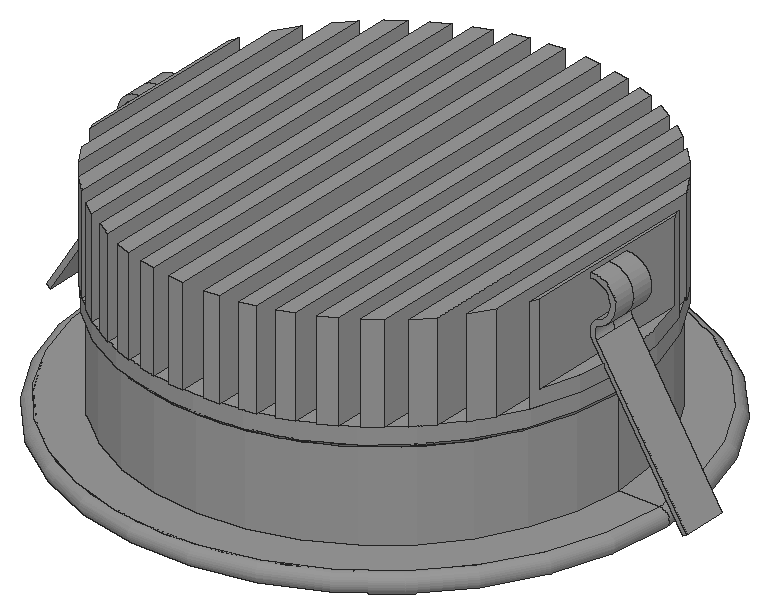
Revit family "FAM6_63_UN_Spot_ETK", category Lighting Fixtures, Revit 2017
Family settings
  Round Connector Dimension = Use Diameter
  Part Type = Normal
  OmniClass Number = 23.80.70.11.14.11
  OmniClass Title = Downlights
  Work Plane-Based = No
  Always vertical = Yes
  Cut with Voids When Loaded = Yes
  Light Source = No
  Shared = No
  Room Calculation Point = Yes
Parameters (values of type "FAM.6101.xx - 8W / 640lm / 2700K")
  Wattage Comments = "8W"
  Voltage = 230 V
  URL = "https://www.etk.nl/producten/fam-6/"
  Type Comments = "IP65"
  Symbol_Waterproof [instance] = no
  Symbol_Emergency Lighting [instance] = no
  Switch Code [instance] = ""
  Model = "FAM.6"
  Material = RAL 9003
  Manufacturer = "ETK licht B.V."
  Luminaire Code [instance] = ""
  Light Source = FAM.6 - Lightsource : FAM.6101.xx - 8W / 640lm / 2700K
  Lamp = "LED"
  IfcExportType = "USERDEFINED"
  IfcExportAs = "IfcLightFixtureType"
  Copyright © IVLighting = "www.IVLighting.nl"
  Bundle = "42°"
  Assembly Code = "63.0"
  Apparent Load = 8 VA
Types (10, lengths in mm): name | Light Source
  (no name) | FAM.6 - Lightsource : FAM.6101.xx - 8W / 640lm / 2700K
  FAM.6101.xx - 8W / 640lm / 2700K | FAM.6 - Lightsource : FAM.6101.xx - 8W / 640lm / 2700K
  FAM.6201.xx - 8W / 680lm / 3000K | FAM.6 - Lightsource : FAM.6201.xx - 8W / 680lm / 3000K
  FAM.6301.xx - 8W / 730lm / 4000K | FAM.6 - Lightsource : FAM.6301.xx - 8W / 730lm / 4000K
  FAM.6102.xx - 8W / 640lm / 2700K | FAM.6 - Lightsource : FAM.6102.xx - 8W / 640lm / 2700K
  FAM.6103.xx - 8W / 640lm / 2700K | FAM.6 - Lightsource : FAM.6103.xx - 8W / 640lm / 2700K
  FAM.6202.xx - 8W / 680lm / 3000K | FAM.6 - Lightsource : FAM.6202.xx - 8W / 680lm / 3000K
  FAM.6203.xx - 8W / 680lm / 3000K | FAM.6 - Lightsource : FAM.6203.xx - 8W / 680lm / 3000K
  FAM.6302.xx - 8W / 730lm / 4000K | FAM.6 - Lightsource : FAM.6202.xx - 8W / 680lm / 3000K
  FAM.6303.xx - 8W / 730lm / 4000K | FAM.6 - Lightsource : FAM.6303.xx - 8W / 730lm / 4000K
Reference planes
  plane 1 "Center (Front/Back)": y = 0
  plane 2: z = 0
  plane 3 "Center (Left/Right)": x = 0
Forms (mm)
  Revolve 1, solid, material "RAL 9003" <- "Material"
    sketch origin (0, 0, 0) x (1, 0, 0) y (0, 0, 1)
      loop
        line (-40.007, 0) -> (-47.008, 0)
        arc (-47.008, 0) -> (-48.627, -1.619) -> (-47.008, -3.239) r 1.619
        line (-47.008, -3.239) -> (-40.007, -3.239) -> (-40.007, 0)
      axis (0, 0) -> (0, -3.239)
    angle from 0 to 360
  Revolve 2, solid, material "RAL 9003" <- "Material"
    sketch origin (0, 0, 0) x (1, 0, 0) y (0, 0, 1)
      loop
        arc (-40.007, 0) -> (-26.472, 13.1) -> (-8.191, 17.636) r 36.234
        line (-8.191, 17.636) -> (0, 17.636) -> (0, 18.576) -> (-40.792, 18.576) -> (-40.792, 15.785) -> (-40.007, 15) -> (-40.007, 0)
      axis (0, 18.576) -> (0, 0)
    angle from 0 to 360
  Revolve 3, solid, material "LED"
    sketch origin (0, 0, 0) x (1, 0, 0) y (0, 0, 1)
      loop
        line (0, 17.516) -> (0, 18.321) -> (-7.666, 18.321)
        arc (-7.666, 18.321) -> (-8.068, 17.919) -> (-7.666, 17.516) r 0.402
        line (-7.666, 17.516) -> (0, 17.516)
      axis (0, 18.321) -> (0, 17.321)
    angle from 0 to 360
  Extrusion 4, solid, material "RAL 9003" <- "Material"
    sketch origin (0, 0, 0) x (-1, 0, 0) y (0, -1, 0)
      loop
        line (37.571, 15.887) -> (37.571, -15.887)
        arc (37.571, -15.887) -> (40.792, 0) -> (37.571, 15.887) r 40.792
      loop
        arc (-37.571, 15.887) -> (-40.792, 0) -> (-37.571, -15.887) r 40.792
        line (-37.571, -15.887) -> (-37.571, 15.887)
      loop
        line (35.389, 20.274) -> (33.103, 23.836) -> (33.103, -23.836) -> (35.389, -20.274) -> (35.389, 20.274)
      loop
        line (30.609, 26.936) -> (28.01, 29.695) -> (28.01, -29.654)
        arc (28.01, -29.654) -> (29.342, -28.338) -> (30.609, -26.96) r 39.235
        line (30.609, -26.96) -> (30.609, 26.936)
      loop
        arc (25.516, 31.826) -> (24.236, 32.811) -> (22.917, 33.745) r 40.792
        line (22.917, 33.745) -> (22.917, -33.745)
        arc (22.917, -33.745) -> (24.236, -32.811) -> (25.516, -31.826) r 40.792
        line (25.516, -31.826) -> (25.516, 31.826)
      loop
        arc (20.424, 35.31) -> (19.137, 36.024) -> (17.825, 36.691) r 40.792
        line (17.825, 36.691) -> (17.825, -36.691)
        arc (17.825, -36.691) -> (19.137, -36.024) -> (20.424, -35.31) r 40.792
        line (20.424, -35.31) -> (20.424, 35.31)
      loop
        arc (15.175, 37.864) -> (13.883, 38.356) -> (12.576, 38.805) r 40.792
        line (12.576, 38.805) -> (12.576, -38.805)
        arc (12.576, -38.805) -> (13.883, -38.356) -> (15.175, -37.864) r 40.792
        line (15.175, -37.864) -> (15.175, 37.864)
      loop
        arc (9.926, 39.566) -> (8.631, 39.868) -> (7.327, 40.128) r 40.792
        line (7.327, 40.128) -> (7.327, -40.128)
        arc (7.327, -40.128) -> (8.631, -39.868) -> (9.926, -39.566) r 40.792
        line (9.926, -39.566) -> (9.926, 39.566)
      loop
        arc (4.364, 40.523) -> (3.066, 40.651) -> (1.765, 40.739) r 40.792
        line (1.765, 40.739) -> (1.765, -40.739)
        arc (1.765, -40.739) -> (3.066, -40.651) -> (4.364, -40.523) r 40.792
        line (4.364, -40.523) -> (4.364, 40.523)
      loop
        line (-35.389, 20.274) -> (-35.389, -20.274) -> (-33.103, -23.836) -> (-33.103, 23.836) -> (-35.389, 20.274)
      loop
        line (-30.609, 26.936) -> (-30.609, -26.96)
        arc (-30.609, -26.96) -> (-29.342, -28.338) -> (-28.01, -29.654) r 39.235
        line (-28.01, -29.654) -> (-28.01, 29.695) -> (-30.609, 26.936)
      loop
        line (-25.516, 31.826) -> (-25.516, -31.826)
        arc (-25.516, -31.826) -> (-24.236, -32.811) -> (-22.917, -33.745) r 40.792
        line (-22.917, -33.745) -> (-22.917, 33.745)
        arc (-22.917, 33.745) -> (-24.236, 32.811) -> (-25.516, 31.826) r 40.792
      loop
        line (-20.424, 35.31) -> (-20.424, -35.31)
        arc (-20.424, -35.31) -> (-19.137, -36.024) -> (-17.825, -36.691) r 40.792
        line (-17.825, -36.691) -> (-17.825, 36.691)
        arc (-17.825, 36.691) -> (-19.137, 36.024) -> (-20.424, 35.31) r 40.792
      loop
        line (-15.175, 37.864) -> (-15.175, -37.864)
        arc (-15.175, -37.864) -> (-13.883, -38.356) -> (-12.576, -38.805) r 40.792
        line (-12.576, -38.805) -> (-12.576, 38.805)
        arc (-12.576, 38.805) -> (-13.883, 38.356) -> (-15.175, 37.864) r 40.792
      loop
        line (-9.926, 39.566) -> (-9.926, -39.566)
        arc (-9.926, -39.566) -> (-8.631, -39.868) -> (-7.327, -40.128) r 40.792
        line (-7.327, -40.128) -> (-7.327, 40.128)
        arc (-7.327, 40.128) -> (-8.631, 39.868) -> (-9.926, 39.566) r 40.792
      loop
        line (-4.364, 40.523) -> (-4.364, -40.523)
        arc (-4.364, -40.523) -> (-3.066, -40.651) -> (-1.765, -40.739) r 40.792
        line (-1.765, -40.739) -> (-1.765, 40.739)
        arc (-1.765, 40.739) -> (-3.066, 40.651) -> (-4.364, 40.523) r 40.792
    from 18.576 to 35
  Sweep 5, solid, material "RAL 9003"
    path origin (-3.241, 0, -5.313) x (1, 0, 0) y (0, 0, 1)
      loop
        arc (-34.416, 39.651) -> (-39.213, 36.801) -> (-36.363, 32.004) r 3.945
        arc (-36.363, 32.004) -> (-35.87, 30.955) -> (-36.13, 29.826) r 1.775
        line (-36.13, 29.826) -> (-51.447, 5.312)
    profile origin (-42.453, 0, 31.488) x (0.969103, 0, -0.246656) y (0, -1, 0)
      loop
        line (0, 3.782) -> (0, 0) -> (0, -3.782) -> (0.877, -3.782) -> (0.877, 0) -> (0.877, 3.782) -> (0, 3.782)
  Extrusion 6, void
    sketch origin (0, 0, 0) x (-1, 0, 0) y (0, -1, 0)
      loop
        line (38.161, 14.411) -> (38.161, -14.411)
        arc (38.161, -14.411) -> (40.792, 0) -> (38.161, 14.411) r 40.792
    from 21.243 to 35
  Extrusion 7, void
    sketch origin (0, 0, 0) x (-1, 0, 0) y (0, -1, 0)
      loop
        arc (-38.161, 14.411) -> (-40.792, 0) -> (-38.161, -14.411) r 40.792
        line (-38.161, -14.411) -> (-38.161, 14.411)
    from 29.191 to 51
  Extrusion 8, void
    sketch origin (0, 0, 0) x (-1, 0, 0) y (0, -1, 0)
      loop
        arc (-38.161, 14.411) -> (-40.792, 0) -> (-38.161, -14.411) r 40.792
        line (-38.161, -14.411) -> (-38.161, 14.411)
    from 21.243 to 35
  Sweep 9, solid, material "RAL 9003"
    path origin (3.241, 0, -5.313) x (-1, 0, 0) y (0, 0, 1)
      loop
        arc (-34.416, 39.651) -> (-39.213, 36.801) -> (-36.363, 32.004) r 3.945
        arc (-36.363, 32.004) -> (-35.87, 30.955) -> (-36.13, 29.826) r 1.775
        line (-36.13, 29.826) -> (-51.447, 5.312)
    profile origin (42.453, 0, 31.488) x (0.969103, 0, 0.246656) y (0, -1, 0)
      loop
        line (0, 3.782) -> (-0.877, 3.782) -> (-0.877, 0) -> (-0.877, -3.782) -> (0, -3.782) -> (0, 0) -> (0, 3.782)
Cuts and joins
  Extrusion 6 cuts Revolve 1
  Extrusion 6 cuts Revolve 2
  Extrusion 6, Extrusion 7, Extrusion 8 cuts Extrusion 4
  Extrusion 7 cuts Sweep 5
Dimensions and locks
  plane 3 "Center (Left/Right)" to Revolve 1 sketch curve = 47.008 mm  (x2)
  aligned and locked: level to plane 2
Nested families
  nested 1: "FAM.1 Light_Symbol_IVL" at (-1.246, 0.777, 0), type "Lighting Fixture - Round"
  nested 2: "FAM.6 - Lightsource" at (0.004, 0, 0), type <- "Light Source", type "FAM.6101.xx - 8W / 640lm / 2700K"
Definition of nested family "FAM.1 Light_Symbol_IVL"
  Parameters (values of type "Lighting Fixture Round - Waterproof")
    Waterproof = yes
    Lighting Fixture = yes
    Emergency Lighting = no
  Types (3, lengths in mm): name | Waterproof | Emergency Lighting
    Lighting Fixture - Round | no | no
    Lighting Fixture Round - Emergency Lighting | no | yes
    Lighting Fixture Round - Waterproof | yes | no
  Reference planes
    plane 1: y = 0
    plane 2: x = 0
  Lines and regions (mm)
    Filled region 1, type "Emergency Lighting", visible <- "Waterproof"
      outline origin (5.15, 1.04, 0) x (1, 0, 0) y (0, 1, 0)
        loop
          arc (-5.866, -1.34) -> (-5.15, -1.817) -> (-4.434, -1.34) r 0.777
          line (-4.434, -1.34) -> (-5.866, -1.34)
    Filled region 2, type "Emergency Lighting", visible <- "Emergency Lighting"
      outline origin (5.15, 1.04, 0) x (1, 0, 0) y (0, 1, 0)
        loop
          line (-5.15, -1.04) -> (-5.703, -0.487)
          arc (-5.703, -0.487) -> (-5.927, -1.04) -> (-5.703, -1.594) r 0.797
          line (-5.703, -1.594) -> (-5.15, -1.04)
    Filled region 3, type "Emergency Lighting", visible <- "Emergency Lighting"
      outline origin (-5.15, 1.04, 0) x (0, 1, 0) y (-1, 0, 0)
        loop
          line (-1.04, -5.15) -> (-1.594, -5.703)
          arc (-1.594, -5.703) -> (-1.04, -5.927) -> (-0.487, -5.703) r 0.797
          line (-0.487, -5.703) -> (-1.04, -5.15)
    detail lines, visible <- "Lighting Fixture"
      curve 1: circle (0, 0, 0) r 0.777 normal (0, 0, 1)
    detail lines, not visible
      curve 2: line (0.716, -0.3, 0) -> (-0.716, -0.3, 0)
    detail lines, visible <- "Waterproof"
      curve 3: circle (0, 0, 0) r 0.777 normal (0, 0, 1)
    detail lines, visible <- "Emergency Lighting"
      curve 4: circle (0, 0, 0) r 0.777 normal (0, 0, 1)
Definition of nested family "FAM.6 - Lightsource"
  Parameters (values of type "FAM.6101.xx - 8W / 640lm / 2700K")
    Wattage Comments = "8W"
    Wattage = 4.30855 W
    built-in parameter 1150110 = 1 (stored number, unit not read)
    URL = "https://www.etk.nl/producten/fam-6/"
    built-in parameter 1114217 = 1 (stored number, unit not read)
    Tilt Angle = 90.00°
    built-in parameter 1150109 = 1 (stored number, unit not read)
    built-in parameter 1150134 = (empty or 0)
    built-in parameter 1150113 = 1 (stored number, unit not read)
    Photometric Web File = "fam.6101.11.ies"
    built-in parameter 1150142 = "IESNA:LM-63-2002\r\n[TEST] /2017\r\n[TESTLAB] ies2eulumdat.appspot.com\r\n[ISSUEDATE] 2021-11-24T15:40:14.465\r\n[MANUFAC] www.etk.nl\r\n[LUMCAT] FAM.6101.23\r\n[LUMINAIRE] FAM.6 LED 9W 2700K IP65 grafiet 610lm Ra>90 38° dimbaar fase afsnij\r\n[LAMPCAT] LED\r\n[LAMP] LED\r\nTILT=NONE\r\n1\t640\t1\t91\t1\t1\t2\t-0.070\t-0.070\t0\r\n1.0\t1.0\t8.50\r\n0\t 1\t 2\t 3\t 4\t 5\t 6\t 7\t 8\t 9\r\n10\t 11\t 12\t 13\t 14\t 15\t 16\t 17\t 18\t 19\r\n20\t 21\t 22\t 23\t 24\t 25\t 26\t 27\t 28\t 29\r\n30\t 31\t 32\t 33\t 34\t 35\t 36\t 37\t 38\t 39\r\n40\t 41\t 42\t 43\t 44\t 45\t 46\t 47\t 48\t 49\r\n50\t 51\t 52\t 53\t 54\t 55\t 56\t 57\t 58\t 59\r\n60\t 61\t 62\t 63\t 64\t 65\t 66\t 67\t 68\t 69\r\n70\t 71\t 72\t 73\t 74\t 75\t 76\t 77\t 78\t 79\r\n80\t 81\t 82\t 83\t 84\t 85\t 86\t 87\t 88\t 89\r\n90\r\n0\r\n895.36\t893.312\t887.296\t876.8\t861.632\t843.392\t822.656\t799.296\t773.376\t746.048\r\n717.12\t687.488\t658.048\t629.7728\t602.368\t576.8768\t552.4736\t529.4208\t507.5072\t486.7008\r\n467.1552\t448.2816\t430.4896\t413.7792\t398.2848\t383.552\t369.5872\t356.3904\t343.8144\t331.072\r\n317.6192\t303.424\t288.48\t272.6208\t256.3456\t239.8976\t224.0832\t209.8944\t196.3392\t182.08\r\n166.2976\t149.3888\t131.9232\t113.9008\t95.4944\t77.376\t60.0384\t44.5376\t31.3024\t21.408\r\n15.4048\t12.4544\t10.688\t9.2032\t8.2816\t7.6928\t7.2064\t6.9184\t6.6368\t6.4448\r\n6.208\t6.0032\t5.824\t5.6384\t5.4336\t5.152\t4.896\t4.6592\t4.352\t3.9808\r\n3.616\t3.2576\t2.9184\t2.6048\t2.1824\t1.4848\t0.8896\t0.384\t0.1216\t0.0704\r\n0.0448\t0.0448\t0.064\t0.0384\t0.0512\t0.0576\t0.0448\t0.0384\t0.0256\t0.0384\r\n0.032"
    Model = "FAM.6"
    Manufacturer = "ETK B.V."
    built-in parameter 1150105 = 50.93 (stored number, unit not read)
    Lumens = 640 lm
    built-in parameter 1150115 = 1 (stored number, unit not read)
    built-in parameter 1150137 = (empty or 0)
    built-in parameter 1150139 = (empty or 0)
    built-in parameter 1150112 = 1 (stored number, unit not read)
    built-in parameter 1150114 = 1 (stored number, unit not read)
    Lamp = "LED"
    built-in parameter 1150132 = 2
    built-in parameter 1150102 = (empty or 0)
    built-in parameter 1150107 = 2700 (stored number, unit not read)
    built-in parameter 1150138 = (empty or 0)
    built-in parameter 1150106 = 0.5093 (stored number, unit not read)
    built-in parameter 1150104 = 13.8 (stored number, unit not read)
    Dimming Lamp Color Temperature Shift = (empty or 0)
    Description = "Light sources"
    Copyright © IVLighting = "www.ivlighting.nl"
    Color Filter = 16777215
    Bundle = "42°"
    built-in parameter 1114218 = 1 (stored number, unit not read)
    built-in parameter 1150133 = 10 (stored number, unit not read)
    Assembly Code = "63.0"
    Apparent Load = 8 VA
  Types (9, lengths in mm): name | Wattage | built-in parameter 1150134 | Photometric Web File | built-in parameter 1150142 | built-in parameter 1150105 | Lumens | built-in parameter 1150107 | built-in parameter 1150106
    FAM.6101.xx - 8W / 640lm / 2700K | 4.30855 W | (empty or 0) | "fam.6101.11.ies" | "IESNA:LM-63-2002\r\n[TEST] /2017\r\n[TESTLAB] ies2eulumdat.appspot.com\r\n[ISSUEDATE] 2021-11-24T15:40:14.465\r\n[MANUFAC] www.etk.nl\r\n[LUMCAT] FAM.6101.23\r\n[LUMINAIRE] FAM.6 LED 9W 2700K IP65 grafiet 610lm Ra>90 38° dimbaar fase afsnij\r\n[LAMPCAT] LED\r\n[LAMP] LED\r\nTILT=NONE\r\n1\t640\t1\t91\t1\t1\t2\t-0.070\t-0.070\t0\r\n1.0\t1.0\t8.50\r\n0\t 1\t 2\t 3\t 4\t 5\t 6\t 7\t 8\t 9\r\n10\t 11\t 12\t 13\t 14\t 15\t 16\t 17\t 18\t 19\r\n20\t 21\t 22\t 23\t 24\t 25\t 26\t 27\t 28\t 29\r\n30\t 31\t 32\t 33\t 34\t 35\t 36\t 37\t 38\t 39\r\n40\t 41\t 42\t 43\t 44\t 45\t 46\t 47\t 48\t 49\r\n50\t 51\t 52\t 53\t 54\t 55\t 56\t 57\t 58\t 59\r\n60\t 61\t 62\t 63\t 64\t 65\t 66\t 67\t 68\t 69\r\n70\t 71\t 72\t 73\t 74\t 75\t 76\t 77\t 78\t 79\r\n80\t 81\t 82\t 83\t 84\t 85\t 86\t 87\t 88\t 89\r\n90\r\n0\r\n895.36\t893.312\t887.296\t876.8\t861.632\t843.392\t822.656\t799.296\t773.376\t746.048\r\n717.12\t687.488\t658.048\t629.7728\t602.368\t576.8768\t552.4736\t529.4208\t507.5072\t486.7008\r\n467.1552\t448.2816\t430.4896\t413.7792\t398.2848\t383.552\t369.5872\t356.3904\t343.8144\t331.072\r\n317.6192\t303.424\t288.48\t272.6208\t256.3456\t239.8976\t224.0832\t209.8944\t196.3392\t182.08\r\n166.2976\t149.3888\t131.9232\t113.9008\t95.4944\t77.376\t60.0384\t44.5376\t31.3024\t21.408\r\n15.4048\t12.4544\t10.688\t9.2032\t8.2816\t7.6928\t7.2064\t6.9184\t6.6368\t6.4448\r\n6.208\t6.0032\t5.824\t5.6384\t5.4336\t5.152\t4.896\t4.6592\t4.352\t3.9808\r\n3.616\t3.2576\t2.9184\t2.6048\t2.1824\t1.4848\t0.8896\t0.384\t0.1216\t0.0704\r\n0.0448\t0.0448\t0.064\t0.0384\t0.0512\t0.0576\t0.0448\t0.0384\t0.0256\t0.0384\r\n0.032" | 50.93 (stored number, unit not read) | 640 lm | 2700 (stored number, unit not read) | 0.5093 (stored number, unit not read)
    FAM.6201.xx - 8W / 680lm / 3000K | 4.57783 W | (empty or 0) | "fam.6201.11.ies" | "IESNA:LM-63-2002\r\n[TEST] /2017\r\n[TESTLAB] ies2eulumdat.appspot.com\r\n[ISSUEDATE] 2021-11-24T15:43:23.696\r\n[MANUFAC] www.etk.nl\r\n[LUMCAT] FAM.6201.11\r\n[LUMINAIRE] FAM.6 LED 9W 3000K IP65 wit mat 660lm Ra>90 38° dimbaar fase afsnij\r\n[LAMPCAT] LED\r\n[LAMP] LED\r\nTILT=NONE\r\n1\t680\t1\t91\t1\t1\t2\t-0.070\t-0.070\t0\r\n1.0\t1.0\t8.50\r\n0\t 1\t 2\t 3\t 4\t 5\t 6\t 7\t 8\t 9\r\n10\t 11\t 12\t 13\t 14\t 15\t 16\t 17\t 18\t 19\r\n20\t 21\t 22\t 23\t 24\t 25\t 26\t 27\t 28\t 29\r\n30\t 31\t 32\t 33\t 34\t 35\t 36\t 37\t 38\t 39\r\n40\t 41\t 42\t 43\t 44\t 45\t 46\t 47\t 48\t 49\r\n50\t 51\t 52\t 53\t 54\t 55\t 56\t 57\t 58\t 59\r\n60\t 61\t 62\t 63\t 64\t 65\t 66\t 67\t 68\t 69\r\n70\t 71\t 72\t 73\t 74\t 75\t 76\t 77\t 78\t 79\r\n80\t 81\t 82\t 83\t 84\t 85\t 86\t 87\t 88\t 89\r\n90\r\n0\r\n951.32\t949.144\t942.752\t931.6\t915.484\t896.104\t874.072\t849.252\t821.712\t792.676\r\n761.94\t730.456\t699.176\t669.1336\t640.016\t612.9316\t587.0032\t562.5096\t539.2264\t517.1196\r\n496.3524\t476.2992\t457.3952\t439.6404\t423.1776\t407.524\t392.6864\t378.6648\t365.3028\t351.764\r\n337.4704\t322.388\t306.51\t289.6596\t272.3672\t254.8912\t238.0884\t223.0128\t208.6104\t193.46\r\n176.6912\t158.7256\t140.1684\t121.0196\t101.4628\t82.212\t63.7908\t47.3212\t33.2588\t22.746\r\n16.3676\t13.2328\t11.356\t9.7784\t8.7992\t8.1736\t7.6568\t7.3508\t7.0516\t6.8476\r\n6.596\t6.3784\t6.188\t5.9908\t5.7732\t5.474\t5.202\t4.9504\t4.624\t4.2296\r\n3.842\t3.4612\t3.1008\t2.7676\t2.3188\t1.5776\t0.9452\t0.408\t0.1292\t0.0748\r\n0.0476\t0.0476\t0.068\t0.0408\t0.0544\t0.0612\t0.0476\t0.0408\t0.0272\t0.0408\r\n0.034" | 54.113 (stored number, unit not read) | 680 lm | 3000 (stored number, unit not read) | 0.54113 (stored number, unit not read)
    FAM.6301.xx - 8W / 730lm / 4000K | 4.91444 W | 12 | "fam.6301.11.ies" | "IESNA:LM-63-2002\r\n[TEST] /2017\r\n[TESTLAB] ies2eulumdat.appspot.com\r\n[ISSUEDATE] 2021-11-24T15:44:59.008\r\n[MANUFAC] www.etk.nl\r\n[LUMCAT] FAM.6301.11\r\n[LUMINAIRE] FAM.6 LED 9W 4000K IP65 wit mat 670lm Ra>90 38° dimbaar fase afsnij\r\n[LAMPCAT] LED\r\n[LAMP] LED\r\nTILT=NONE\r\n1\t700\t1\t91\t1\t1\t2\t-0.070\t-0.070\t0\r\n1.0\t1.0\t8.50\r\n0\t 1\t 2\t 3\t 4\t 5\t 6\t 7\t 8\t 9\r\n10\t 11\t 12\t 13\t 14\t 15\t 16\t 17\t 18\t 19\r\n20\t 21\t 22\t 23\t 24\t 25\t 26\t 27\t 28\t 29\r\n30\t 31\t 32\t 33\t 34\t 35\t 36\t 37\t 38\t 39\r\n40\t 41\t 42\t 43\t 44\t 45\t 46\t 47\t 48\t 49\r\n50\t 51\t 52\t 53\t 54\t 55\t 56\t 57\t 58\t 59\r\n60\t 61\t 62\t 63\t 64\t 65\t 66\t 67\t 68\t 69\r\n70\t 71\t 72\t 73\t 74\t 75\t 76\t 77\t 78\t 79\r\n80\t 81\t 82\t 83\t 84\t 85\t 86\t 87\t 88\t 89\r\n90\r\n0\r\n979.3\t977.06\t970.48\t959\t942.41\t922.46\t899.78\t874.23\t845.88\t815.99\r\n784.35\t751.94\t719.74\t688.814\t658.84\t630.959\t604.268\t579.054\t555.086\t532.329\r\n510.951\t490.308\t470.848\t452.571\t435.624\t419.51\t404.236\t389.802\t376.047\t362.11\r\n347.396\t331.87\t315.525\t298.179\t280.378\t262.388\t245.091\t229.572\t214.746\t199.15\r\n181.888\t163.394\t144.291\t124.579\t104.447\t84.63\t65.667\t48.713\t34.237\t23.415\r\n16.849\t13.622\t11.69\t10.066\t9.058\t8.414\t7.882\t7.567\t7.259\t7.049\r\n6.79\t6.566\t6.37\t6.167\t5.943\t5.635\t5.355\t5.096\t4.76\t4.354\r\n3.955\t3.563\t3.192\t2.849\t2.387\t1.624\t0.973\t0.42\t0.133\t0.077\r\n0.049\t0.049\t0.07\t0.042\t0.056\t0.063\t0.049\t0.042\t0.028\t0.042\r\n0.035" | 58.092 (stored number, unit not read) | 730 lm | 4000 (stored number, unit not read) | 0.58092 (stored number, unit not read)
    FAM.6102.xx - 8W / 640lm / 2700K | 4.30855 W | (empty or 0) | "fam.6102.11.ies" | "IESNA:LM-63-2002\r\n[TEST] /2017\r\n[TESTLAB] ies2eulumdat.appspot.com\r\n[ISSUEDATE] 2021-11-24T15:40:14.465\r\n[MANUFAC] www.etk.nl\r\n[LUMCAT] FAM.6101.23\r\n[LUMINAIRE] FAM.6 LED 9W 2700K IP65 grafiet 610lm Ra>90 38° dimbaar fase afsnij\r\n[LAMPCAT] LED\r\n[LAMP] LED\r\nTILT=NONE\r\n1\t640\t1\t91\t1\t1\t2\t-0.070\t-0.070\t0\r\n1.0\t1.0\t8.50\r\n0\t 1\t 2\t 3\t 4\t 5\t 6\t 7\t 8\t 9\r\n10\t 11\t 12\t 13\t 14\t 15\t 16\t 17\t 18\t 19\r\n20\t 21\t 22\t 23\t 24\t 25\t 26\t 27\t 28\t 29\r\n30\t 31\t 32\t 33\t 34\t 35\t 36\t 37\t 38\t 39\r\n40\t 41\t 42\t 43\t 44\t 45\t 46\t 47\t 48\t 49\r\n50\t 51\t 52\t 53\t 54\t 55\t 56\t 57\t 58\t 59\r\n60\t 61\t 62\t 63\t 64\t 65\t 66\t 67\t 68\t 69\r\n70\t 71\t 72\t 73\t 74\t 75\t 76\t 77\t 78\t 79\r\n80\t 81\t 82\t 83\t 84\t 85\t 86\t 87\t 88\t 89\r\n90\r\n0\r\n895.36\t893.312\t887.296\t876.8\t861.632\t843.392\t822.656\t799.296\t773.376\t746.048\r\n717.12\t687.488\t658.048\t629.7728\t602.368\t576.8768\t552.4736\t529.4208\t507.5072\t486.7008\r\n467.1552\t448.2816\t430.4896\t413.7792\t398.2848\t383.552\t369.5872\t356.3904\t343.8144\t331.072\r\n317.6192\t303.424\t288.48\t272.6208\t256.3456\t239.8976\t224.0832\t209.8944\t196.3392\t182.08\r\n166.2976\t149.3888\t131.9232\t113.9008\t95.4944\t77.376\t60.0384\t44.5376\t31.3024\t21.408\r\n15.4048\t12.4544\t10.688\t9.2032\t8.2816\t7.6928\t7.2064\t6.9184\t6.6368\t6.4448\r\n6.208\t6.0032\t5.824\t5.6384\t5.4336\t5.152\t4.896\t4.6592\t4.352\t3.9808\r\n3.616\t3.2576\t2.9184\t2.6048\t2.1824\t1.4848\t0.8896\t0.384\t0.1216\t0.0704\r\n0.0448\t0.0448\t0.064\t0.0384\t0.0512\t0.0576\t0.0448\t0.0384\t0.0256\t0.0384\r\n0.032" | 50.93 (stored number, unit not read) | 640 lm | 2700 (stored number, unit not read) | 0.5093 (stored number, unit not read)
    FAM.6103.xx - 8W / 640lm / 2700K | 4.30855 W | (empty or 0) | "fam.6103.11.ies" | "IESNA:LM-63-2002\r\n[TEST] /2017\r\n[TESTLAB] ies2eulumdat.appspot.com\r\n[ISSUEDATE] 2021-11-24T15:40:14.465\r\n[MANUFAC] www.etk.nl\r\n[LUMCAT] FAM.6101.23\r\n[LUMINAIRE] FAM.6 LED 9W 2700K IP65 grafiet 610lm Ra>90 38° dimbaar fase afsnij\r\n[LAMPCAT] LED\r\n[LAMP] LED\r\nTILT=NONE\r\n1\t640\t1\t91\t1\t1\t2\t-0.070\t-0.070\t0\r\n1.0\t1.0\t8.50\r\n0\t 1\t 2\t 3\t 4\t 5\t 6\t 7\t 8\t 9\r\n10\t 11\t 12\t 13\t 14\t 15\t 16\t 17\t 18\t 19\r\n20\t 21\t 22\t 23\t 24\t 25\t 26\t 27\t 28\t 29\r\n30\t 31\t 32\t 33\t 34\t 35\t 36\t 37\t 38\t 39\r\n40\t 41\t 42\t 43\t 44\t 45\t 46\t 47\t 48\t 49\r\n50\t 51\t 52\t 53\t 54\t 55\t 56\t 57\t 58\t 59\r\n60\t 61\t 62\t 63\t 64\t 65\t 66\t 67\t 68\t 69\r\n70\t 71\t 72\t 73\t 74\t 75\t 76\t 77\t 78\t 79\r\n80\t 81\t 82\t 83\t 84\t 85\t 86\t 87\t 88\t 89\r\n90\r\n0\r\n895.36\t893.312\t887.296\t876.8\t861.632\t843.392\t822.656\t799.296\t773.376\t746.048\r\n717.12\t687.488\t658.048\t629.7728\t602.368\t576.8768\t552.4736\t529.4208\t507.5072\t486.7008\r\n467.1552\t448.2816\t430.4896\t413.7792\t398.2848\t383.552\t369.5872\t356.3904\t343.8144\t331.072\r\n317.6192\t303.424\t288.48\t272.6208\t256.3456\t239.8976\t224.0832\t209.8944\t196.3392\t182.08\r\n166.2976\t149.3888\t131.9232\t113.9008\t95.4944\t77.376\t60.0384\t44.5376\t31.3024\t21.408\r\n15.4048\t12.4544\t10.688\t9.2032\t8.2816\t7.6928\t7.2064\t6.9184\t6.6368\t6.4448\r\n6.208\t6.0032\t5.824\t5.6384\t5.4336\t5.152\t4.896\t4.6592\t4.352\t3.9808\r\n3.616\t3.2576\t2.9184\t2.6048\t2.1824\t1.4848\t0.8896\t0.384\t0.1216\t0.0704\r\n0.0448\t0.0448\t0.064\t0.0384\t0.0512\t0.0576\t0.0448\t0.0384\t0.0256\t0.0384\r\n0.032" | 50.93 (stored number, unit not read) | 640 lm | 2700 (stored number, unit not read) | 0.5093 (stored number, unit not read)
    FAM.6202.xx - 8W / 680lm / 3000K | 4.57783 W | (empty or 0) | "fam.6202.11.ies" | "IESNA:LM-63-2002\r\n[TEST] /2017\r\n[TESTLAB] ies2eulumdat.appspot.com\r\n[ISSUEDATE] 2021-11-24T15:43:23.696\r\n[MANUFAC] www.etk.nl\r\n[LUMCAT] FAM.6201.11\r\n[LUMINAIRE] FAM.6 LED 9W 3000K IP65 wit mat 660lm Ra>90 38° dimbaar fase afsnij\r\n[LAMPCAT] LED\r\n[LAMP] LED\r\nTILT=NONE\r\n1\t680\t1\t91\t1\t1\t2\t-0.070\t-0.070\t0\r\n1.0\t1.0\t8.50\r\n0\t 1\t 2\t 3\t 4\t 5\t 6\t 7\t 8\t 9\r\n10\t 11\t 12\t 13\t 14\t 15\t 16\t 17\t 18\t 19\r\n20\t 21\t 22\t 23\t 24\t 25\t 26\t 27\t 28\t 29\r\n30\t 31\t 32\t 33\t 34\t 35\t 36\t 37\t 38\t 39\r\n40\t 41\t 42\t 43\t 44\t 45\t 46\t 47\t 48\t 49\r\n50\t 51\t 52\t 53\t 54\t 55\t 56\t 57\t 58\t 59\r\n60\t 61\t 62\t 63\t 64\t 65\t 66\t 67\t 68\t 69\r\n70\t 71\t 72\t 73\t 74\t 75\t 76\t 77\t 78\t 79\r\n80\t 81\t 82\t 83\t 84\t 85\t 86\t 87\t 88\t 89\r\n90\r\n0\r\n951.32\t949.144\t942.752\t931.6\t915.484\t896.104\t874.072\t849.252\t821.712\t792.676\r\n761.94\t730.456\t699.176\t669.1336\t640.016\t612.9316\t587.0032\t562.5096\t539.2264\t517.1196\r\n496.3524\t476.2992\t457.3952\t439.6404\t423.1776\t407.524\t392.6864\t378.6648\t365.3028\t351.764\r\n337.4704\t322.388\t306.51\t289.6596\t272.3672\t254.8912\t238.0884\t223.0128\t208.6104\t193.46\r\n176.6912\t158.7256\t140.1684\t121.0196\t101.4628\t82.212\t63.7908\t47.3212\t33.2588\t22.746\r\n16.3676\t13.2328\t11.356\t9.7784\t8.7992\t8.1736\t7.6568\t7.3508\t7.0516\t6.8476\r\n6.596\t6.3784\t6.188\t5.9908\t5.7732\t5.474\t5.202\t4.9504\t4.624\t4.2296\r\n3.842\t3.4612\t3.1008\t2.7676\t2.3188\t1.5776\t0.9452\t0.408\t0.1292\t0.0748\r\n0.0476\t0.0476\t0.068\t0.0408\t0.0544\t0.0612\t0.0476\t0.0408\t0.0272\t0.0408\r\n0.034" | 54.113 (stored number, unit not read) | 680 lm | 3000 (stored number, unit not read) | 0.54113 (stored number, unit not read)
    FAM.6203.xx - 8W / 680lm / 3000K | 4.57783 W | (empty or 0) | "fam.6203.11.ies" | "IESNA:LM-63-2002\r\n[TEST] /2017\r\n[TESTLAB] ies2eulumdat.appspot.com\r\n[ISSUEDATE] 2021-11-24T15:43:23.696\r\n[MANUFAC] www.etk.nl\r\n[LUMCAT] FAM.6201.11\r\n[LUMINAIRE] FAM.6 LED 9W 3000K IP65 wit mat 660lm Ra>90 38° dimbaar fase afsnij\r\n[LAMPCAT] LED\r\n[LAMP] LED\r\nTILT=NONE\r\n1\t680\t1\t91\t1\t1\t2\t-0.070\t-0.070\t0\r\n1.0\t1.0\t8.50\r\n0\t 1\t 2\t 3\t 4\t 5\t 6\t 7\t 8\t 9\r\n10\t 11\t 12\t 13\t 14\t 15\t 16\t 17\t 18\t 19\r\n20\t 21\t 22\t 23\t 24\t 25\t 26\t 27\t 28\t 29\r\n30\t 31\t 32\t 33\t 34\t 35\t 36\t 37\t 38\t 39\r\n40\t 41\t 42\t 43\t 44\t 45\t 46\t 47\t 48\t 49\r\n50\t 51\t 52\t 53\t 54\t 55\t 56\t 57\t 58\t 59\r\n60\t 61\t 62\t 63\t 64\t 65\t 66\t 67\t 68\t 69\r\n70\t 71\t 72\t 73\t 74\t 75\t 76\t 77\t 78\t 79\r\n80\t 81\t 82\t 83\t 84\t 85\t 86\t 87\t 88\t 89\r\n90\r\n0\r\n951.32\t949.144\t942.752\t931.6\t915.484\t896.104\t874.072\t849.252\t821.712\t792.676\r\n761.94\t730.456\t699.176\t669.1336\t640.016\t612.9316\t587.0032\t562.5096\t539.2264\t517.1196\r\n496.3524\t476.2992\t457.3952\t439.6404\t423.1776\t407.524\t392.6864\t378.6648\t365.3028\t351.764\r\n337.4704\t322.388\t306.51\t289.6596\t272.3672\t254.8912\t238.0884\t223.0128\t208.6104\t193.46\r\n176.6912\t158.7256\t140.1684\t121.0196\t101.4628\t82.212\t63.7908\t47.3212\t33.2588\t22.746\r\n16.3676\t13.2328\t11.356\t9.7784\t8.7992\t8.1736\t7.6568\t7.3508\t7.0516\t6.8476\r\n6.596\t6.3784\t6.188\t5.9908\t5.7732\t5.474\t5.202\t4.9504\t4.624\t4.2296\r\n3.842\t3.4612\t3.1008\t2.7676\t2.3188\t1.5776\t0.9452\t0.408\t0.1292\t0.0748\r\n0.0476\t0.0476\t0.068\t0.0408\t0.0544\t0.0612\t0.0476\t0.0408\t0.0272\t0.0408\r\n0.034" | 54.113 (stored number, unit not read) | 680 lm | 3000 (stored number, unit not read) | 0.54113 (stored number, unit not read)
    FAM.6302.xx - 8W / 730lm / 4000K | 4.91444 W | 12 | "fam.6302.11.ies" | "IESNA:LM-63-2002\r\n[TEST] /2017\r\n[TESTLAB] ies2eulumdat.appspot.com\r\n[ISSUEDATE] 2021-11-24T15:44:59.008\r\n[MANUFAC] www.etk.nl\r\n[LUMCAT] FAM.6301.11\r\n[LUMINAIRE] FAM.6 LED 9W 4000K IP65 wit mat 670lm Ra>90 38° dimbaar fase afsnij\r\n[LAMPCAT] LED\r\n[LAMP] LED\r\nTILT=NONE\r\n1\t700\t1\t91\t1\t1\t2\t-0.070\t-0.070\t0\r\n1.0\t1.0\t8.50\r\n0\t 1\t 2\t 3\t 4\t 5\t 6\t 7\t 8\t 9\r\n10\t 11\t 12\t 13\t 14\t 15\t 16\t 17\t 18\t 19\r\n20\t 21\t 22\t 23\t 24\t 25\t 26\t 27\t 28\t 29\r\n30\t 31\t 32\t 33\t 34\t 35\t 36\t 37\t 38\t 39\r\n40\t 41\t 42\t 43\t 44\t 45\t 46\t 47\t 48\t 49\r\n50\t 51\t 52\t 53\t 54\t 55\t 56\t 57\t 58\t 59\r\n60\t 61\t 62\t 63\t 64\t 65\t 66\t 67\t 68\t 69\r\n70\t 71\t 72\t 73\t 74\t 75\t 76\t 77\t 78\t 79\r\n80\t 81\t 82\t 83\t 84\t 85\t 86\t 87\t 88\t 89\r\n90\r\n0\r\n979.3\t977.06\t970.48\t959\t942.41\t922.46\t899.78\t874.23\t845.88\t815.99\r\n784.35\t751.94\t719.74\t688.814\t658.84\t630.959\t604.268\t579.054\t555.086\t532.329\r\n510.951\t490.308\t470.848\t452.571\t435.624\t419.51\t404.236\t389.802\t376.047\t362.11\r\n347.396\t331.87\t315.525\t298.179\t280.378\t262.388\t245.091\t229.572\t214.746\t199.15\r\n181.888\t163.394\t144.291\t124.579\t104.447\t84.63\t65.667\t48.713\t34.237\t23.415\r\n16.849\t13.622\t11.69\t10.066\t9.058\t8.414\t7.882\t7.567\t7.259\t7.049\r\n6.79\t6.566\t6.37\t6.167\t5.943\t5.635\t5.355\t5.096\t4.76\t4.354\r\n3.955\t3.563\t3.192\t2.849\t2.387\t1.624\t0.973\t0.42\t0.133\t0.077\r\n0.049\t0.049\t0.07\t0.042\t0.056\t0.063\t0.049\t0.042\t0.028\t0.042\r\n0.035" | 58.092 (stored number, unit not read) | 730 lm | 4000 (stored number, unit not read) | 0.58092 (stored number, unit not read)
    FAM.6303.xx - 8W / 730lm / 4000K | 4.91444 W | 12 | "fam.6303.11.ies" | "IESNA:LM-63-2002\r\n[TEST] /2017\r\n[TESTLAB] ies2eulumdat.appspot.com\r\n[ISSUEDATE] 2021-11-24T15:44:59.008\r\n[MANUFAC] www.etk.nl\r\n[LUMCAT] FAM.6301.11\r\n[LUMINAIRE] FAM.6 LED 9W 4000K IP65 wit mat 670lm Ra>90 38° dimbaar fase afsnij\r\n[LAMPCAT] LED\r\n[LAMP] LED\r\nTILT=NONE\r\n1\t700\t1\t91\t1\t1\t2\t-0.070\t-0.070\t0\r\n1.0\t1.0\t8.50\r\n0\t 1\t 2\t 3\t 4\t 5\t 6\t 7\t 8\t 9\r\n10\t 11\t 12\t 13\t 14\t 15\t 16\t 17\t 18\t 19\r\n20\t 21\t 22\t 23\t 24\t 25\t 26\t 27\t 28\t 29\r\n30\t 31\t 32\t 33\t 34\t 35\t 36\t 37\t 38\t 39\r\n40\t 41\t 42\t 43\t 44\t 45\t 46\t 47\t 48\t 49\r\n50\t 51\t 52\t 53\t 54\t 55\t 56\t 57\t 58\t 59\r\n60\t 61\t 62\t 63\t 64\t 65\t 66\t 67\t 68\t 69\r\n70\t 71\t 72\t 73\t 74\t 75\t 76\t 77\t 78\t 79\r\n80\t 81\t 82\t 83\t 84\t 85\t 86\t 87\t 88\t 89\r\n90\r\n0\r\n979.3\t977.06\t970.48\t959\t942.41\t922.46\t899.78\t874.23\t845.88\t815.99\r\n784.35\t751.94\t719.74\t688.814\t658.84\t630.959\t604.268\t579.054\t555.086\t532.329\r\n510.951\t490.308\t470.848\t452.571\t435.624\t419.51\t404.236\t389.802\t376.047\t362.11\r\n347.396\t331.87\t315.525\t298.179\t280.378\t262.388\t245.091\t229.572\t214.746\t199.15\r\n181.888\t163.394\t144.291\t124.579\t104.447\t84.63\t65.667\t48.713\t34.237\t23.415\r\n16.849\t13.622\t11.69\t10.066\t9.058\t8.414\t7.882\t7.567\t7.259\t7.049\r\n6.79\t6.566\t6.37\t6.167\t5.943\t5.635\t5.355\t5.096\t4.76\t4.354\r\n3.955\t3.563\t3.192\t2.849\t2.387\t1.624\t0.973\t0.42\t0.133\t0.077\r\n0.049\t0.049\t0.07\t0.042\t0.056\t0.063\t0.049\t0.042\t0.028\t0.042\r\n0.035" | 58.092 (stored number, unit not read) | 730 lm | 4000 (stored number, unit not read) | 0.58092 (stored number, unit not read)
  Reference planes
    plane 1 "Center (Front/Back)": y = 0
    plane 2: z = 0
    plane 3 "Center (Left/Right)": x = 0
  Dimensions and locks
    aligned and locked: level to plane 2
